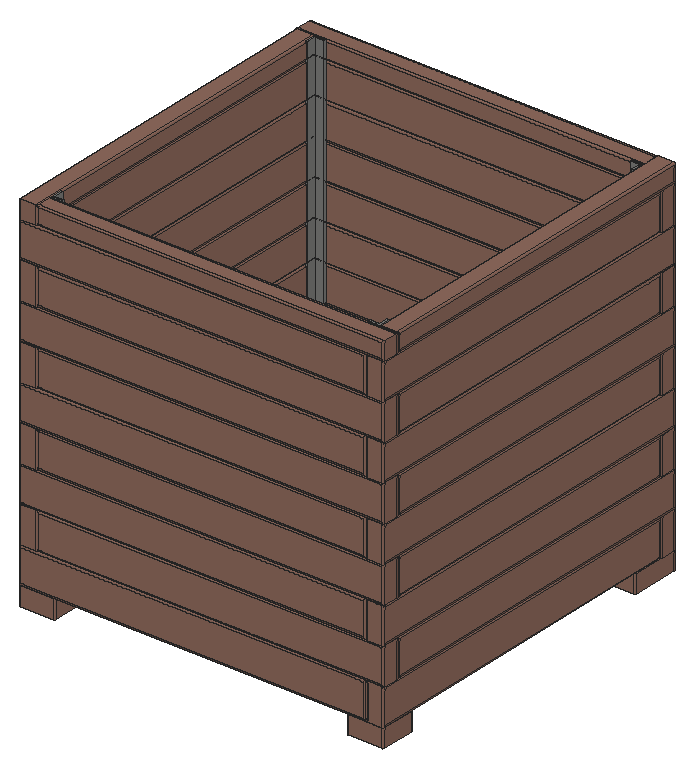
Revit family "Jardinera Madera", category Furniture, Revit 2020 (continued)
Definition of nested family "Jardinera Madera-UM1640-6-1000mm"
  Forms (m)
    Extrusion 40, void
      sketch origin (0.75, 0.4, 0.3) x (0, 1, 0) y (-1, 0, 0)
        loop
          line (-0.85, 0.255) -> (-0.85, 0.25) -> (-0.845, 0.25)
          arc (-0.845, 0.25) -> (-0.848536, 0.251464) -> (-0.85, 0.255) r 0.005
      from 0.05 to 0.15
    Extrusion 41, solid
      sketch origin (-0.4, -0.2, 0) x (-1, 0, 0) y (0, -1, 0)
        loop
          line (-0.849929, 0.25) -> (-0.849929, 0.22) -> (-0.844929, 0.22) -> (-0.844929, 0.245) -> (-0.819929, 0.245) -> (-0.819929, 0.25) -> (-0.849929, 0.25)
      from 0.05 to 1.00007
    Extrusion 42, solid
      sketch origin (-0.4, -0.2, 0.005) x (-1, 0, 0) y (0, -1, 0)
        loop
          line (-0.804929, 0.3) -> (-0.894929, 0.3)
          arc (-0.894929, 0.3) -> (-0.898464, 0.298536) -> (-0.899929, 0.295) r 0.005
          line (-0.899929, 0.295) -> (-0.899929, 0.205)
          arc (-0.899929, 0.205) -> (-0.898464, 0.201464) -> (-0.894929, 0.2) r 0.005
          line (-0.894929, 0.2) -> (-0.804929, 0.2)
          arc (-0.804929, 0.2) -> (-0.801393, 0.201464) -> (-0.799929, 0.205) r 0.005
          line (-0.799929, 0.205) -> (-0.799929, 0.295)
          arc (-0.799929, 0.295) -> (-0.801393, 0.298536) -> (-0.804929, 0.3) r 0.005
      from -0.005 to 0.045
    Extrusion 43, void
      sketch origin (-0.350071, -0.2, 0.10007) x (-1, 0, 0) y (0, -1, 0)
        loop
          arc (-0.85, 0.295) -> (-0.848536, 0.298536) -> (-0.845, 0.3) r 0.005
          line (-0.845, 0.3) -> (-0.85, 0.3) -> (-0.85, 0.295)
        loop
          line (-0.85, 0.255) -> (-0.85, 0.25) -> (-0.845, 0.25)
          arc (-0.845, 0.25) -> (-0.848536, 0.251464) -> (-0.85, 0.255) r 0.005
      from 0.05 to 0.15
    Extrusion 44, void
      sketch origin (-0.350071, -0.2, 0.30007) x (-1, 0, 0) y (0, -1, 0)
        loop
          arc (-0.85, 0.295) -> (-0.848536, 0.298536) -> (-0.845, 0.3) r 0.005
          line (-0.845, 0.3) -> (-0.85, 0.3) -> (-0.85, 0.295)
        loop
          line (-0.85, 0.255) -> (-0.85, 0.25) -> (-0.845, 0.25)
          arc (-0.845, 0.25) -> (-0.848536, 0.251464) -> (-0.85, 0.255) r 0.005
      from 0.05 to 0.15
    Extrusion 45, void
      sketch origin (0.4, 0.199929, 0) x (1, 0, 0) y (0, 1, 0)
        loop
          arc (-0.85, 0.295) -> (-0.848536, 0.298536) -> (-0.845, 0.3) r 0.005
          line (-0.845, 0.3) -> (-0.85, 0.3) -> (-0.85, 0.295)
        loop
          line (-0.85, 0.255) -> (-0.85, 0.25) -> (-0.845, 0.25)
          arc (-0.845, 0.25) -> (-0.848536, 0.251464) -> (-0.85, 0.255) r 0.005
      from 0.05 to 0.15
    Extrusion 46, void
      sketch origin (-0.75, -0.350071, 0) x (0, -1, 0) y (1, 0, 0)
        loop
          arc (-0.85, 0.295) -> (-0.848536, 0.298536) -> (-0.845, 0.3) r 0.005
          line (-0.845, 0.3) -> (-0.85, 0.3) -> (-0.85, 0.295)
        loop
          line (-0.85, 0.255) -> (-0.85, 0.25) -> (-0.845, 0.25)
          arc (-0.845, 0.25) -> (-0.848536, 0.251464) -> (-0.85, 0.255) r 0.005
      from 0.05 to 0.15
    Extrusion 47, void
      sketch origin (0.350071, 0.199929, 0.10007) x (1, 0, 0) y (0, 1, 0)
        loop
          arc (-0.85, 0.295) -> (-0.848536, 0.298536) -> (-0.845, 0.3) r 0.005
          line (-0.845, 0.3) -> (-0.85, 0.3) -> (-0.85, 0.295)
        loop
          line (-0.85, 0.255) -> (-0.85, 0.25) -> (-0.845, 0.25)
          arc (-0.845, 0.25) -> (-0.848536, 0.251464) -> (-0.85, 0.255) r 0.005
      from 0.05 to 0.15
    Extrusion 48, void
      sketch origin (0.4, 0.199929, 0.2) x (1, 0, 0) y (0, 1, 0)
        loop
          arc (-0.85, 0.295) -> (-0.848536, 0.298536) -> (-0.845, 0.3) r 0.005
          line (-0.845, 0.3) -> (-0.85, 0.3) -> (-0.85, 0.295)
        loop
          line (-0.85, 0.255) -> (-0.85, 0.25) -> (-0.845, 0.25)
          arc (-0.845, 0.25) -> (-0.848536, 0.251464) -> (-0.85, 0.255) r 0.005
      from 0.05 to 0.15
    Extrusion 49, void
      sketch origin (-0.4, 0.199929, 0.30007) x (-1, 0, 0) y (0, -1, 0)
        loop
          line (-0.85, -0.295) -> (-0.85, -0.3) -> (-0.845, -0.3)
          arc (-0.845, -0.3) -> (-0.848536, -0.298536) -> (-0.85, -0.295) r 0.005
        loop
          arc (-0.85, -0.255) -> (-0.848536, -0.251464) -> (-0.845, -0.25) r 0.005
          line (-0.845, -0.25) -> (-0.85, -0.25) -> (-0.85, -0.255)
      from 0.05 to 0.15
    Extrusion 50, void
      sketch origin (-0.4, 0.199929, 0.10007) x (-1, 0, 0) y (0, -1, 0)
        loop
          line (-0.85, -0.295) -> (-0.85, -0.3) -> (-0.845, -0.3)
          arc (-0.845, -0.3) -> (-0.848536, -0.298536) -> (-0.85, -0.295) r 0.005
        loop
          arc (-0.85, -0.255) -> (-0.848536, -0.251464) -> (-0.845, -0.25) r 0.005
          line (-0.845, -0.25) -> (-0.85, -0.25) -> (-0.85, -0.255)
      from 0.05 to 0.15
    Extrusion 51, void
      sketch origin (-0.35, 0.199929, 0) x (-1, 0, 0) y (0, -1, 0)
        loop
          line (-0.85, -0.295) -> (-0.85, -0.3) -> (-0.845, -0.3)
          arc (-0.845, -0.3) -> (-0.848536, -0.298536) -> (-0.85, -0.295) r 0.005
        loop
          arc (-0.85, -0.255) -> (-0.848536, -0.251464) -> (-0.845, -0.25) r 0.005
          line (-0.845, -0.25) -> (-0.85, -0.25) -> (-0.85, -0.255)
      from 0.05 to 0.15
    Extrusion 52, void
      sketch origin (0.75, -0.350071, 0.3) x (0, -1, 0) y (1, 0, 0)
        loop
          line (-0.85, -0.295) -> (-0.85, -0.3) -> (-0.845, -0.3)
          arc (-0.845, -0.3) -> (-0.848536, -0.298536) -> (-0.85, -0.295) r 0.005
        loop
          arc (-0.85, -0.255) -> (-0.848536, -0.251464) -> (-0.845, -0.25) r 0.005
          line (-0.845, -0.25) -> (-0.85, -0.25) -> (-0.85, -0.255)
      from 0.05 to 0.15
    Extrusion 53, void
      sketch origin (0.75, -0.350071, 0.1) x (0, -1, 0) y (1, 0, 0)
        loop
          line (-0.85, -0.295) -> (-0.85, -0.3) -> (-0.845, -0.3)
          arc (-0.845, -0.3) -> (-0.848536, -0.298536) -> (-0.85, -0.295) r 0.005
        loop
          arc (-0.85, -0.255) -> (-0.848536, -0.251464) -> (-0.845, -0.25) r 0.005
          line (-0.845, -0.25) -> (-0.85, -0.25) -> (-0.85, -0.255)
      from 0.05 to 0.15
    Extrusion 54, void
      sketch origin (0.75, -0.400071, 0) x (0, -1, 0) y (1, 0, 0)
        loop
          line (-0.85, -0.295) -> (-0.85, -0.3) -> (-0.845, -0.3)
          arc (-0.845, -0.3) -> (-0.848536, -0.298536) -> (-0.85, -0.295) r 0.005
        loop
          arc (-0.85, -0.255) -> (-0.848536, -0.251464) -> (-0.845, -0.25) r 0.005
          line (-0.845, -0.25) -> (-0.85, -0.25) -> (-0.85, -0.255)
      from 0.05 to 0.15
    Extrusion 55, void
      sketch origin (0.75, -0.400071, 0.2) x (0, -1, 0) y (1, 0, 0)
        loop
          line (-0.85, -0.295) -> (-0.85, -0.3) -> (-0.845, -0.3)
          arc (-0.845, -0.3) -> (-0.848536, -0.298536) -> (-0.85, -0.295) r 0.005
        loop
          arc (-0.85, -0.255) -> (-0.848536, -0.251464) -> (-0.845, -0.25) r 0.005
          line (-0.845, -0.25) -> (-0.85, -0.25) -> (-0.85, -0.255)
      from 0.05 to 0.15
    Extrusion 56, void
      sketch origin (-0.75, -0.350071, 0.2) x (0, -1, 0) y (1, 0, 0)
        loop
          arc (-0.85, 0.295) -> (-0.848536, 0.298536) -> (-0.845, 0.3) r 0.005
          line (-0.845, 0.3) -> (-0.85, 0.3) -> (-0.85, 0.295)
        loop
          line (-0.85, 0.255) -> (-0.85, 0.25) -> (-0.845, 0.25)
          arc (-0.845, 0.25) -> (-0.848536, 0.251464) -> (-0.85, 0.255) r 0.005
      from 0.05 to 0.15
    Extrusion 57, void
      sketch origin (-0.75, -0.400071, 0.10007) x (0, -1, 0) y (1, 0, 0)
        loop
          arc (-0.85, 0.295) -> (-0.848536, 0.298536) -> (-0.845, 0.3) r 0.005
          line (-0.845, 0.3) -> (-0.85, 0.3) -> (-0.85, 0.295)
        loop
          line (-0.85, 0.255) -> (-0.85, 0.25) -> (-0.845, 0.25)
          arc (-0.845, 0.25) -> (-0.848536, 0.251464) -> (-0.85, 0.255) r 0.005
      from 0.05 to 0.15
    Extrusion 58, solid
      sketch origin (-0.2, -0.400071, 0.4) x (0, -1, 0) y (0, 0, 1)
        loop
          arc (-0.895, 0.15) -> (-0.898536, 0.148536) -> (-0.9, 0.145) r 0.005
          line (-0.9, 0.145) -> (-0.9, 0.055)
          arc (-0.9, 0.055) -> (-0.898536, 0.051464) -> (-0.895, 0.05) r 0.005
          line (-0.895, 0.05) -> (-0.855, 0.05)
          arc (-0.855, 0.05) -> (-0.851464, 0.051464) -> (-0.85, 0.055) r 0.005
          line (-0.85, 0.055) -> (-0.85, 0.145)
          arc (-0.85, 0.145) -> (-0.851464, 0.148536) -> (-0.855, 0.15) r 0.005
          line (-0.855, 0.15) -> (-0.895, 0.15)
      from -0.7 to 0.25
    Extrusion 59, void
      sketch origin (-0.35, 0.199929, 0.4) x (-1, 0, 0) y (0, -1, 0)
        loop
          line (-0.85, -0.295) -> (-0.85, -0.3) -> (-0.845, -0.3)
          arc (-0.845, -0.3) -> (-0.848536, -0.298536) -> (-0.85, -0.295) r 0.005
        loop
          arc (-0.85, -0.255) -> (-0.848536, -0.251464) -> (-0.845, -0.25) r 0.005
          line (-0.845, -0.25) -> (-0.85, -0.25) -> (-0.85, -0.255)
      from 0.05 to 0.15
    Extrusion 60, solid
      sketch origin (0.4, -0.2, 0.4) x (1, 0, 0) y (0, 0, 1)
        loop
          arc (-0.895, 0.15) -> (-0.898536, 0.148536) -> (-0.9, 0.145) r 0.005
          line (-0.9, 0.145) -> (-0.9, 0.055)
          arc (-0.9, 0.055) -> (-0.898536, 0.051464) -> (-0.895, 0.05) r 0.005
          line (-0.895, 0.05) -> (-0.855, 0.05)
          arc (-0.855, 0.05) -> (-0.851464, 0.051464) -> (-0.85, 0.055) r 0.005
          line (-0.85, 0.055) -> (-0.85, 0.145)
          arc (-0.85, 0.145) -> (-0.851464, 0.148536) -> (-0.855, 0.15) r 0.005
          line (-0.855, 0.15) -> (-0.895, 0.15)
      from -0.699929 to 0.25
    Extrusion 61, void
      sketch origin (-0.75, 0.4, 0.4) x (0, 1, 0) y (-1, 0, 0)
        loop
          line (-0.85, -0.295) -> (-0.85, -0.3) -> (-0.845, -0.3)
          arc (-0.845, -0.3) -> (-0.848536, -0.298536) -> (-0.85, -0.295) r 0.005
        loop
          arc (-0.85, -0.255) -> (-0.848536, -0.251464) -> (-0.845, -0.25) r 0.005
          line (-0.845, -0.25) -> (-0.85, -0.25) -> (-0.85, -0.255)
      from 0.05 to 0.15
    Extrusion 62, solid
      sketch origin (1, 0.4, 0.4) x (0, 1, 0) y (0, 0, 1)
        loop
          arc (-0.895, 0.15) -> (-0.898536, 0.148536) -> (-0.9, 0.145) r 0.005
          line (-0.9, 0.145) -> (-0.9, 0.055)
          arc (-0.9, 0.055) -> (-0.898536, 0.051464) -> (-0.895, 0.05) r 0.005
          line (-0.895, 0.05) -> (-0.855, 0.05)
          arc (-0.855, 0.05) -> (-0.851464, 0.051464) -> (-0.85, 0.055) r 0.005
          line (-0.85, 0.055) -> (-0.85, 0.145)
          arc (-0.85, 0.145) -> (-0.851464, 0.148536) -> (-0.855, 0.15) r 0.005
          line (-0.855, 0.15) -> (-0.895, 0.15)
      from -1.5 to -0.55
    Extrusion 63, void
      sketch origin (0.35, -0.2, 0.4) x (1, 0, 0) y (0, 1, 0)
        loop
          line (-0.85, -0.295) -> (-0.85, -0.3) -> (-0.845, -0.3)
          arc (-0.845, -0.3) -> (-0.848536, -0.298536) -> (-0.85, -0.295) r 0.005
        loop
          arc (-0.85, -0.255) -> (-0.848536, -0.251464) -> (-0.845, -0.25) r 0.005
          line (-0.845, -0.25) -> (-0.85, -0.25) -> (-0.85, -0.255)
      from 0.05 to 0.15
    Extrusion 64, solid
      sketch origin (-0.4, -0.2, 0.4) x (-1, 0, 0) y (0, 0, 1)
        loop
          arc (-0.895, 0.15) -> (-0.898536, 0.148536) -> (-0.9, 0.145) r 0.005
          line (-0.9, 0.145) -> (-0.9, 0.055)
          arc (-0.9, 0.055) -> (-0.898536, 0.051464) -> (-0.895, 0.05) r 0.005
          line (-0.895, 0.05) -> (-0.855, 0.05)
          arc (-0.855, 0.05) -> (-0.851464, 0.051464) -> (-0.85, 0.055) r 0.005
          line (-0.85, 0.055) -> (-0.85, 0.145)
          arc (-0.85, 0.145) -> (-0.851464, 0.148536) -> (-0.855, 0.15) r 0.005
          line (-0.855, 0.15) -> (-0.895, 0.15)
      from -0.3 to 0.649929
    Extrusion 65, void
      sketch origin (-0.4, -0.2, 0.4) x (-1, 0, 0) y (0, -1, 0)
        loop
          arc (-0.85, 0.295) -> (-0.848536, 0.298536) -> (-0.845, 0.3) r 0.005
          line (-0.845, 0.3) -> (-0.85, 0.3) -> (-0.85, 0.295)
        loop
          line (-0.85, 0.255) -> (-0.85, 0.25) -> (-0.845, 0.25)
          arc (-0.845, 0.25) -> (-0.848536, 0.251464) -> (-0.85, 0.255) r 0.005
      from 0.05 to 0.15
    Extrusion 66, void
      sketch origin (0.75, 0.35, 0.4) x (0, 1, 0) y (-1, 0, 0)
        loop
          arc (-0.85, 0.295) -> (-0.848536, 0.298536) -> (-0.845, 0.3) r 0.005
          line (-0.845, 0.3) -> (-0.85, 0.3) -> (-0.85, 0.295)
        loop
          line (-0.85, 0.255) -> (-0.85, 0.25) -> (-0.845, 0.25)
          arc (-0.845, 0.25) -> (-0.848536, 0.251464) -> (-0.85, 0.255) r 0.005
      from 0.05 to 0.15
    Extrusion 67, void
      sketch origin (0.4, 0.199929, 0.4) x (1, 0, 0) y (0, 1, 0)
        loop
          arc (-0.85, 0.295) -> (-0.848536, 0.298536) -> (-0.845, 0.3) r 0.005
          line (-0.845, 0.3) -> (-0.85, 0.3) -> (-0.85, 0.295)
        loop
          line (-0.85, 0.255) -> (-0.85, 0.25) -> (-0.845, 0.25)
          arc (-0.845, 0.25) -> (-0.848536, 0.251464) -> (-0.85, 0.255) r 0.005
      from 0.05 to 0.15
    Extrusion 68, void
      sketch origin (0.75, -0.400071, 0.4) x (0, -1, 0) y (1, 0, 0)
        loop
          line (-0.85, -0.295) -> (-0.85, -0.3) -> (-0.845, -0.3)
          arc (-0.845, -0.3) -> (-0.848536, -0.298536) -> (-0.85, -0.295) r 0.005
        loop
          arc (-0.85, -0.255) -> (-0.848536, -0.251464) -> (-0.845, -0.25) r 0.005
          line (-0.845, -0.25) -> (-0.85, -0.25) -> (-0.85, -0.255)
      from 0.05 to 0.15
    Extrusion 69, void
      sketch origin (-0.75, -0.350071, 0.4) x (0, -1, 0) y (1, 0, 0)
        loop
          arc (-0.85, 0.295) -> (-0.848536, 0.298536) -> (-0.845, 0.3) r 0.005
          line (-0.845, 0.3) -> (-0.85, 0.3) -> (-0.85, 0.295)
        loop
          line (-0.85, 0.255) -> (-0.85, 0.25) -> (-0.845, 0.25)
          arc (-0.845, 0.25) -> (-0.848536, 0.251464) -> (-0.85, 0.255) r 0.005
      from 0.05 to 0.15
    Extrusion 70, solid
      sketch origin (-0.249929, -0.400071, 0.50007) x (0, -1, 0) y (0, 0, 1)
        loop
          arc (-0.895, 0.15) -> (-0.898536, 0.148536) -> (-0.9, 0.145) r 0.005
          line (-0.9, 0.145) -> (-0.9, 0.055)
          arc (-0.9, 0.055) -> (-0.898536, 0.051464) -> (-0.895, 0.05) r 0.005
          line (-0.895, 0.05) -> (-0.855, 0.05)
          arc (-0.855, 0.05) -> (-0.851464, 0.051464) -> (-0.85, 0.055) r 0.005
          line (-0.85, 0.055) -> (-0.85, 0.145)
          arc (-0.85, 0.145) -> (-0.851464, 0.148536) -> (-0.855, 0.15) r 0.005
          line (-0.855, 0.15) -> (-0.895, 0.15)
      from -0.699929 to 0.25
    Extrusion 71, void
      sketch origin (0.350071, 0.199929, 0.50007) x (1, 0, 0) y (0, 1, 0)
        loop
          arc (-0.85, 0.295) -> (-0.848536, 0.298536) -> (-0.845, 0.3) r 0.005
          line (-0.845, 0.3) -> (-0.85, 0.3) -> (-0.85, 0.295)
        loop
          line (-0.85, 0.255) -> (-0.85, 0.25) -> (-0.845, 0.25)
          arc (-0.845, 0.25) -> (-0.848536, 0.251464) -> (-0.85, 0.255) r 0.005
      from 0.05 to 0.15
    Extrusion 72, solid
      sketch origin (1.049929, 0.4, 0.50007) x (0, 1, 0) y (0, 0, 1)
        loop
          arc (-0.895, 0.15) -> (-0.898536, 0.148536) -> (-0.9, 0.145) r 0.005
          line (-0.9, 0.145) -> (-0.9, 0.055)
          arc (-0.9, 0.055) -> (-0.898536, 0.051464) -> (-0.895, 0.05) r 0.005
          line (-0.895, 0.05) -> (-0.855, 0.05)
          arc (-0.855, 0.05) -> (-0.851464, 0.051464) -> (-0.85, 0.055) r 0.005
          line (-0.85, 0.055) -> (-0.85, 0.145)
          arc (-0.85, 0.145) -> (-0.851464, 0.148536) -> (-0.855, 0.15) r 0.005
          line (-0.855, 0.15) -> (-0.895, 0.15)
      from -1.5 to -0.55
    Extrusion 73, void
      sketch origin (0.399929, -0.2, 0.50007) x (1, 0, 0) y (0, 1, 0)
        loop
          line (-0.85, -0.295) -> (-0.85, -0.3) -> (-0.845, -0.3)
          arc (-0.845, -0.3) -> (-0.848536, -0.298536) -> (-0.85, -0.295) r 0.005
        loop
          arc (-0.85, -0.255) -> (-0.848536, -0.251464) -> (-0.845, -0.25) r 0.005
          line (-0.845, -0.25) -> (-0.85, -0.25) -> (-0.85, -0.255)
      from 0.05 to 0.15
    Extrusion 74, solid
      sketch origin (0.4, -0.249929, 0.50007) x (1, 0, 0) y (0, 0, 1)
        loop
          arc (-0.895, 0.15) -> (-0.898536, 0.148536) -> (-0.9, 0.145) r 0.005
          line (-0.9, 0.145) -> (-0.9, 0.055)
          arc (-0.9, 0.055) -> (-0.898536, 0.051464) -> (-0.895, 0.05) r 0.005
          line (-0.895, 0.05) -> (-0.855, 0.05)
          arc (-0.855, 0.05) -> (-0.851464, 0.051464) -> (-0.85, 0.055) r 0.005
          line (-0.85, 0.055) -> (-0.85, 0.145)
          arc (-0.85, 0.145) -> (-0.851464, 0.148536) -> (-0.855, 0.15) r 0.005
          line (-0.855, 0.15) -> (-0.895, 0.15)
      from -0.699858 to 0.25
    Extrusion 75, void
      sketch origin (-0.75, 0.350071, 0.50007) x (0, 1, 0) y (-1, 0, 0)
        loop
          line (-0.85, -0.295) -> (-0.85, -0.3) -> (-0.845, -0.3)
          arc (-0.845, -0.3) -> (-0.848536, -0.298536) -> (-0.85, -0.295) r 0.005
        loop
          arc (-0.85, -0.255) -> (-0.848536, -0.251464) -> (-0.845, -0.25) r 0.005
          line (-0.845, -0.25) -> (-0.85, -0.25) -> (-0.85, -0.255)
      from 0.05 to 0.15
    Extrusion 76, solid
      sketch origin (-0.4, -0.15, 0.5) x (-1, 0, 0) y (0, 0, 1)
        loop
          arc (-0.895, 0.15) -> (-0.898536, 0.148536) -> (-0.9, 0.145) r 0.005
          line (-0.9, 0.145) -> (-0.9, 0.055)
          arc (-0.9, 0.055) -> (-0.898536, 0.051464) -> (-0.895, 0.05) r 0.005
          line (-0.895, 0.05) -> (-0.855, 0.05)
          arc (-0.855, 0.05) -> (-0.851464, 0.051464) -> (-0.85, 0.055) r 0.005
          line (-0.85, 0.055) -> (-0.85, 0.145)
          arc (-0.85, 0.145) -> (-0.851464, 0.148536) -> (-0.855, 0.15) r 0.005
          line (-0.855, 0.15) -> (-0.895, 0.15)
      from -0.3 to 0.649929
    Extrusion 77, void
      sketch origin (0.75, 0.4, 0.5) x (0, 1, 0) y (-1, 0, 0)
        loop
          arc (-0.85, 0.295) -> (-0.848536, 0.298536) -> (-0.845, 0.3) r 0.005
          line (-0.845, 0.3) -> (-0.85, 0.3) -> (-0.85, 0.295)
        loop
          line (-0.85, 0.255) -> (-0.85, 0.25) -> (-0.845, 0.25)
          arc (-0.845, 0.25) -> (-0.848536, 0.251464) -> (-0.85, 0.255) r 0.005
      from 0.05 to 0.15
    Extrusion 78, void
      sketch origin (-0.350071, -0.2, 0.50007) x (-1, 0, 0) y (0, -1, 0)
        loop
          arc (-0.85, 0.295) -> (-0.848536, 0.298536) -> (-0.845, 0.3) r 0.005
          line (-0.845, 0.3) -> (-0.85, 0.3) -> (-0.85, 0.295)
        loop
          line (-0.85, 0.255) -> (-0.85, 0.25) -> (-0.845, 0.25)
          arc (-0.845, 0.25) -> (-0.848536, 0.251464) -> (-0.85, 0.255) r 0.005
      from 0.05 to 0.15
    Extrusion 79, void
      sketch origin (-0.4, 0.199929, 0.50007) x (-1, 0, 0) y (0, -1, 0)
        loop
          line (-0.85, -0.295) -> (-0.85, -0.3) -> (-0.845, -0.3)
          arc (-0.845, -0.3) -> (-0.848536, -0.298536) -> (-0.85, -0.295) r 0.005
        loop
          arc (-0.85, -0.255) -> (-0.848536, -0.251464) -> (-0.845, -0.25) r 0.005
          line (-0.845, -0.25) -> (-0.85, -0.25) -> (-0.85, -0.255)
      from 0.05 to 0.15
    Extrusion 80, void
      sketch origin (0.75, -0.350071, 0.5) x (0, -1, 0) y (1, 0, 0)
        loop
          line (-0.85, -0.295) -> (-0.85, -0.3) -> (-0.845, -0.3)
          arc (-0.845, -0.3) -> (-0.848536, -0.298536) -> (-0.85, -0.295) r 0.005
        loop
          arc (-0.85, -0.255) -> (-0.848536, -0.251464) -> (-0.845, -0.25) r 0.005
          line (-0.845, -0.25) -> (-0.85, -0.25) -> (-0.85, -0.255)
      from 0.05 to 0.15
    Extrusion 81, solid
      sketch origin (0.4, 0.342806, 0) x (1, 0, 0) y (0, 1, 0)
        loop
          line (-0.849929, -0.149955) -> (0.05, -0.149955) -> (0.05, -0.021439) -> (-0.849929, -0.021439) -> (-0.849929, -0.149955)
      from 0.05 to 0.1
    Extrusion 82, solid
      sketch origin (0.4, 0.042806, 0) x (1, 0, 0) y (0, 1, 0)
        loop
          line (-0.849929, 0.149955) -> (-0.849929, 0.021439) -> (0.05, 0.021439) -> (0.05, 0.149955) -> (-0.849929, 0.149955)
      from 0.05 to 0.1
    Extrusion 83, solid
      sketch origin (0.4, 0.085684, 0) x (1, 0, 0) y (0, 1, 0)
        loop
          line (-0.849929, -0.149955) -> (0.05, -0.149955) -> (0.05, -0.021439) -> (-0.849929, -0.021439) -> (-0.849929, -0.149955)
      from 0.05 to 0.1
    Extrusion 84, solid
      sketch origin (0.4, -0.214316, 0) x (1, 0, 0) y (0, 1, 0)
        loop
          line (-0.849929, 0.149955) -> (-0.849929, 0.021439) -> (0.05, 0.021439) -> (0.05, 0.149955) -> (-0.849929, 0.149955)
      from 0.05 to 0.1
    Extrusion 85, solid
      sketch origin (0.4, -0.171439, 0) x (1, 0, 0) y (0, 1, 0)
        loop
          line (-0.849929, -0.149955) -> (0.05, -0.149955) -> (0.05, -0.021439) -> (-0.849929, -0.021439) -> (-0.849929, -0.149955)
      from 0.05 to 0.1
    Extrusion 86, solid
      sketch origin (-0.2, -0.400071, 0.6) x (0, -1, 0) y (0, 0, 1)
        loop
          arc (-0.895, 0.15) -> (-0.898536, 0.148536) -> (-0.9, 0.145) r 0.005
          line (-0.9, 0.145) -> (-0.9, 0.055)
          arc (-0.9, 0.055) -> (-0.898536, 0.051464) -> (-0.895, 0.05) r 0.005
          line (-0.895, 0.05) -> (-0.855, 0.05)
          arc (-0.855, 0.05) -> (-0.851464, 0.051464) -> (-0.85, 0.055) r 0.005
          line (-0.85, 0.055) -> (-0.85, 0.145)
          arc (-0.85, 0.145) -> (-0.851464, 0.148536) -> (-0.855, 0.15) r 0.005
          line (-0.855, 0.15) -> (-0.895, 0.15)
      from -0.7 to 0.25
    Extrusion 87, solid
      sketch origin (-0.249929, -0.400071, 0.70007) x (0, -1, 0) y (0, 0, 1)
        loop
          arc (-0.895, 0.15) -> (-0.898536, 0.148536) -> (-0.9, 0.145) r 0.005
          line (-0.9, 0.145) -> (-0.9, 0.055)
          arc (-0.9, 0.055) -> (-0.898536, 0.051464) -> (-0.895, 0.05) r 0.005
          line (-0.895, 0.05) -> (-0.855, 0.05)
          arc (-0.855, 0.05) -> (-0.851464, 0.051464) -> (-0.85, 0.055) r 0.005
          line (-0.85, 0.055) -> (-0.85, 0.145)
          arc (-0.85, 0.145) -> (-0.851464, 0.148536) -> (-0.855, 0.15) r 0.005
          line (-0.855, 0.15) -> (-0.895, 0.15)
      from -0.699929 to 0.25
    Extrusion 88, void
      sketch origin (0.350071, 0.199929, 0.70007) x (1, 0, 0) y (0, 1, 0)
        loop
          arc (-0.85, 0.295) -> (-0.848536, 0.298536) -> (-0.845, 0.3) r 0.005
          line (-0.845, 0.3) -> (-0.85, 0.3) -> (-0.85, 0.295)
        loop
          line (-0.85, 0.255) -> (-0.85, 0.25) -> (-0.845, 0.25)
          arc (-0.845, 0.25) -> (-0.848536, 0.251464) -> (-0.85, 0.255) r 0.005
      from 0.05 to 0.15
    Extrusion 89, void
      sketch origin (-0.35, 0.199929, 0.6) x (-1, 0, 0) y (0, -1, 0)
        loop
          line (-0.85, -0.295) -> (-0.85, -0.3) -> (-0.845, -0.3)
          arc (-0.845, -0.3) -> (-0.848536, -0.298536) -> (-0.85, -0.295) r 0.005
        loop
          arc (-0.85, -0.255) -> (-0.848536, -0.251464) -> (-0.845, -0.25) r 0.005
          line (-0.845, -0.25) -> (-0.85, -0.25) -> (-0.85, -0.255)
      from 0.05 to 0.15
    Extrusion 90, solid
      sketch origin (0.4, -0.2, 0.6) x (1, 0, 0) y (0, 0, 1)
        loop
          arc (-0.895, 0.15) -> (-0.898536, 0.148536) -> (-0.9, 0.145) r 0.005
          line (-0.9, 0.145) -> (-0.9, 0.055)
          arc (-0.9, 0.055) -> (-0.898536, 0.051464) -> (-0.895, 0.05) r 0.005
          line (-0.895, 0.05) -> (-0.855, 0.05)
          arc (-0.855, 0.05) -> (-0.851464, 0.051464) -> (-0.85, 0.055) r 0.005
          line (-0.85, 0.055) -> (-0.85, 0.145)
          arc (-0.85, 0.145) -> (-0.851464, 0.148536) -> (-0.855, 0.15) r 0.005
          line (-0.855, 0.15) -> (-0.895, 0.15)
      from -0.699929 to 0.25
    Extrusion 91, void
      sketch origin (-0.75, 0.4, 0.6) x (0, 1, 0) y (-1, 0, 0)
        loop
          line (-0.85, -0.295) -> (-0.85, -0.3) -> (-0.845, -0.3)
          arc (-0.845, -0.3) -> (-0.848536, -0.298536) -> (-0.85, -0.295) r 0.005
        loop
          arc (-0.85, -0.255) -> (-0.848536, -0.251464) -> (-0.845, -0.25) r 0.005
          line (-0.845, -0.25) -> (-0.85, -0.25) -> (-0.85, -0.255)
      from 0.05 to 0.15
    Extrusion 92, solid
      sketch origin (1, 0.4, 0.6) x (0, 1, 0) y (0, 0, 1)
        loop
          arc (-0.895, 0.15) -> (-0.898536, 0.148536) -> (-0.9, 0.145) r 0.005
          line (-0.9, 0.145) -> (-0.9, 0.055)
          arc (-0.9, 0.055) -> (-0.898536, 0.051464) -> (-0.895, 0.05) r 0.005
          line (-0.895, 0.05) -> (-0.855, 0.05)
          arc (-0.855, 0.05) -> (-0.851464, 0.051464) -> (-0.85, 0.055) r 0.005
          line (-0.85, 0.055) -> (-0.85, 0.145)
          arc (-0.85, 0.145) -> (-0.851464, 0.148536) -> (-0.855, 0.15) r 0.005
          line (-0.855, 0.15) -> (-0.895, 0.15)
      from -1.5 to -0.55
    Extrusion 93, void
      sketch origin (0.35, -0.2, 0.6) x (1, 0, 0) y (0, 1, 0)
        loop
          line (-0.85, -0.295) -> (-0.85, -0.3) -> (-0.845, -0.3)
          arc (-0.845, -0.3) -> (-0.848536, -0.298536) -> (-0.85, -0.295) r 0.005
        loop
          arc (-0.85, -0.255) -> (-0.848536, -0.251464) -> (-0.845, -0.25) r 0.005
          line (-0.845, -0.25) -> (-0.85, -0.25) -> (-0.85, -0.255)
      from 0.05 to 0.15
    Extrusion 94, solid
      sketch origin (1.049929, 0.4, 0.70007) x (0, 1, 0) y (0, 0, 1)
        loop
          arc (-0.895, 0.15) -> (-0.898536, 0.148536) -> (-0.9, 0.145) r 0.005
          line (-0.9, 0.145) -> (-0.9, 0.055)
          arc (-0.9, 0.055) -> (-0.898536, 0.051464) -> (-0.895, 0.05) r 0.005
          line (-0.895, 0.05) -> (-0.855, 0.05)
          arc (-0.855, 0.05) -> (-0.851464, 0.051464) -> (-0.85, 0.055) r 0.005
          line (-0.85, 0.055) -> (-0.85, 0.145)
          arc (-0.85, 0.145) -> (-0.851464, 0.148536) -> (-0.855, 0.15) r 0.005
          line (-0.855, 0.15) -> (-0.895, 0.15)
      from -1.5 to -0.55
    Extrusion 95, void
      sketch origin (0.399929, -0.2, 0.70007) x (1, 0, 0) y (0, 1, 0)
        loop
          line (-0.85, -0.295) -> (-0.85, -0.3) -> (-0.845, -0.3)
          arc (-0.845, -0.3) -> (-0.848536, -0.298536) -> (-0.85, -0.295) r 0.005
        loop
          arc (-0.85, -0.255) -> (-0.848536, -0.251464) -> (-0.845, -0.25) r 0.005
          line (-0.845, -0.25) -> (-0.85, -0.25) -> (-0.85, -0.255)
      from 0.05 to 0.15
    Extrusion 96, solid
      sketch origin (0.4, -0.249929, 0.70007) x (1, 0, 0) y (0, 0, 1)
        loop
          arc (-0.895, 0.15) -> (-0.898536, 0.148536) -> (-0.9, 0.145) r 0.005
          line (-0.9, 0.145) -> (-0.9, 0.055)
          arc (-0.9, 0.055) -> (-0.898536, 0.051464) -> (-0.895, 0.05) r 0.005
          line (-0.895, 0.05) -> (-0.855, 0.05)
          arc (-0.855, 0.05) -> (-0.851464, 0.051464) -> (-0.85, 0.055) r 0.005
          line (-0.85, 0.055) -> (-0.85, 0.145)
          arc (-0.85, 0.145) -> (-0.851464, 0.148536) -> (-0.855, 0.15) r 0.005
          line (-0.855, 0.15) -> (-0.895, 0.15)
      from -0.699858 to 0.25
    Extrusion 97, void
      sketch origin (-0.75, 0.350071, 0.70007) x (0, 1, 0) y (-1, 0, 0)
        loop
          line (-0.85, -0.295) -> (-0.85, -0.3) -> (-0.845, -0.3)
          arc (-0.845, -0.3) -> (-0.848536, -0.298536) -> (-0.85, -0.295) r 0.005
        loop
          arc (-0.85, -0.255) -> (-0.848536, -0.251464) -> (-0.845, -0.25) r 0.005
          line (-0.845, -0.25) -> (-0.85, -0.25) -> (-0.85, -0.255)
      from 0.05 to 0.15
    Extrusion 98, solid
      sketch origin (-0.4, -0.2, 0.6) x (-1, 0, 0) y (0, 0, 1)
        loop
          arc (-0.895, 0.15) -> (-0.898536, 0.148536) -> (-0.9, 0.145) r 0.005
          line (-0.9, 0.145) -> (-0.9, 0.055)
          arc (-0.9, 0.055) -> (-0.898536, 0.051464) -> (-0.895, 0.05) r 0.005
          line (-0.895, 0.05) -> (-0.855, 0.05)
          arc (-0.855, 0.05) -> (-0.851464, 0.051464) -> (-0.85, 0.055) r 0.005
          line (-0.85, 0.055) -> (-0.85, 0.145)
          arc (-0.85, 0.145) -> (-0.851464, 0.148536) -> (-0.855, 0.15) r 0.005
          line (-0.855, 0.15) -> (-0.895, 0.15)
      from -0.3 to 0.649929
    Extrusion 99, void
      sketch origin (-0.4, -0.2, 0.6) x (-1, 0, 0) y (0, -1, 0)
        loop
          arc (-0.85, 0.295) -> (-0.848536, 0.298536) -> (-0.845, 0.3) r 0.005
          line (-0.845, 0.3) -> (-0.85, 0.3) -> (-0.85, 0.295)
        loop
          line (-0.85, 0.255) -> (-0.85, 0.25) -> (-0.845, 0.25)
          arc (-0.845, 0.25) -> (-0.848536, 0.251464) -> (-0.85, 0.255) r 0.005
      from 0.05 to 0.15
    Extrusion 100, void
      sketch origin (0.75, 0.35, 0.6) x (0, 1, 0) y (-1, 0, 0)
        loop
          arc (-0.85, 0.295) -> (-0.848536, 0.298536) -> (-0.845, 0.3) r 0.005
          line (-0.845, 0.3) -> (-0.85, 0.3) -> (-0.85, 0.295)
        loop
          line (-0.85, 0.255) -> (-0.85, 0.25) -> (-0.845, 0.25)
          arc (-0.845, 0.25) -> (-0.848536, 0.251464) -> (-0.85, 0.255) r 0.005
      from 0.05 to 0.15
    Extrusion 101, solid
      sketch origin (-0.4, -0.15, 0.7) x (-1, 0, 0) y (0, 0, 1)
        loop
          arc (-0.895, 0.15) -> (-0.898536, 0.148536) -> (-0.9, 0.145) r 0.005
          line (-0.9, 0.145) -> (-0.9, 0.055)
          arc (-0.9, 0.055) -> (-0.898536, 0.051464) -> (-0.895, 0.05) r 0.005
          line (-0.895, 0.05) -> (-0.855, 0.05)
          arc (-0.855, 0.05) -> (-0.851464, 0.051464) -> (-0.85, 0.055) r 0.005
          line (-0.85, 0.055) -> (-0.85, 0.145)
          arc (-0.85, 0.145) -> (-0.851464, 0.148536) -> (-0.855, 0.15) r 0.005
          line (-0.855, 0.15) -> (-0.895, 0.15)
      from -0.3 to 0.649929
    Extrusion 102, void
      sketch origin (0.75, 0.4, 0.7) x (0, 1, 0) y (-1, 0, 0)
        loop
          arc (-0.85, 0.295) -> (-0.848536, 0.298536) -> (-0.845, 0.3) r 0.005
          line (-0.845, 0.3) -> (-0.85, 0.3) -> (-0.85, 0.295)
        loop
          line (-0.85, 0.255) -> (-0.85, 0.25) -> (-0.845, 0.25)
          arc (-0.845, 0.25) -> (-0.848536, 0.251464) -> (-0.85, 0.255) r 0.005
      from 0.05 to 0.15
    Extrusion 103, void
      sketch origin (-0.350071, -0.2, 0.70007) x (-1, 0, 0) y (0, -1, 0)
        loop
          arc (-0.85, 0.295) -> (-0.848536, 0.298536) -> (-0.845, 0.3) r 0.005
          line (-0.845, 0.3) -> (-0.85, 0.3) -> (-0.85, 0.295)
        loop
          line (-0.85, 0.255) -> (-0.85, 0.25) -> (-0.845, 0.25)
          arc (-0.845, 0.25) -> (-0.848536, 0.251464) -> (-0.85, 0.255) r 0.005
      from 0.05 to 0.15
    Extrusion 104, void
      sketch origin (0.4, 0.199929, 0.6) x (1, 0, 0) y (0, 1, 0)
        loop
          arc (-0.85, 0.295) -> (-0.848536, 0.298536) -> (-0.845, 0.3) r 0.005
          line (-0.845, 0.3) -> (-0.85, 0.3) -> (-0.85, 0.295)
        loop
          line (-0.85, 0.255) -> (-0.85, 0.25) -> (-0.845, 0.25)
          arc (-0.845, 0.25) -> (-0.848536, 0.251464) -> (-0.85, 0.255) r 0.005
      from 0.05 to 0.15
    Extrusion 105, void
      sketch origin (-0.4, 0.199929, 0.70007) x (-1, 0, 0) y (0, -1, 0)
        loop
          line (-0.85, -0.295) -> (-0.85, -0.3) -> (-0.845, -0.3)
          arc (-0.845, -0.3) -> (-0.848536, -0.298536) -> (-0.85, -0.295) r 0.005
        loop
          arc (-0.85, -0.255) -> (-0.848536, -0.251464) -> (-0.845, -0.25) r 0.005
          line (-0.845, -0.25) -> (-0.85, -0.25) -> (-0.85, -0.255)
      from 0.05 to 0.15
    Extrusion 106, void
      sketch origin (0.75, -0.350071, 0.7) x (0, -1, 0) y (1, 0, 0)
        loop
          line (-0.85, -0.295) -> (-0.85, -0.3) -> (-0.845, -0.3)
          arc (-0.845, -0.3) -> (-0.848536, -0.298536) -> (-0.85, -0.295) r 0.005
        loop
          arc (-0.85, -0.255) -> (-0.848536, -0.251464) -> (-0.845, -0.25) r 0.005
          line (-0.845, -0.25) -> (-0.85, -0.25) -> (-0.85, -0.255)
      from 0.05 to 0.15
    Extrusion 107, void
      sketch origin (0.75, -0.400071, 0.6) x (0, -1, 0) y (1, 0, 0)
        loop
          line (-0.85, -0.295) -> (-0.85, -0.3) -> (-0.845, -0.3)
          arc (-0.845, -0.3) -> (-0.848536, -0.298536) -> (-0.85, -0.295) r 0.005
        loop
          arc (-0.85, -0.255) -> (-0.848536, -0.251464) -> (-0.845, -0.25) r 0.005
          line (-0.845, -0.25) -> (-0.85, -0.25) -> (-0.85, -0.255)
      from 0.05 to 0.15
    Extrusion 108, void
      sketch origin (-0.75, -0.350071, 0.6) x (0, -1, 0) y (1, 0, 0)
        loop
          arc (-0.85, 0.295) -> (-0.848536, 0.298536) -> (-0.845, 0.3) r 0.005
          line (-0.845, 0.3) -> (-0.85, 0.3) -> (-0.85, 0.295)
        loop
          line (-0.85, 0.255) -> (-0.85, 0.25) -> (-0.845, 0.25)
          arc (-0.845, 0.25) -> (-0.848536, 0.251464) -> (-0.85, 0.255) r 0.005
      from 0.05 to 0.15
    Extrusion 109, solid
      sketch origin (-0.2, -0.400071, 0.8) x (0, -1, 0) y (0, 0, 1)
        loop
          arc (-0.895, 0.15) -> (-0.898536, 0.148536) -> (-0.9, 0.145) r 0.005
          line (-0.9, 0.145) -> (-0.9, 0.055)
          arc (-0.9, 0.055) -> (-0.898536, 0.051464) -> (-0.895, 0.05) r 0.005
          line (-0.895, 0.05) -> (-0.855, 0.05)
          arc (-0.855, 0.05) -> (-0.851464, 0.051464) -> (-0.85, 0.055) r 0.005
          line (-0.85, 0.055) -> (-0.85, 0.145)
          arc (-0.85, 0.145) -> (-0.851464, 0.148536) -> (-0.855, 0.15) r 0.005
          line (-0.855, 0.15) -> (-0.895, 0.15)
      from -0.7 to 0.25
    Extrusion 110, void
      sketch origin (-0.35, 0.199929, 0.8) x (-1, 0, 0) y (0, -1, 0)
        loop
          line (-0.85, -0.295) -> (-0.85, -0.3) -> (-0.845, -0.3)
          arc (-0.845, -0.3) -> (-0.848536, -0.298536) -> (-0.85, -0.295) r 0.005
        loop
          arc (-0.85, -0.255) -> (-0.848536, -0.251464) -> (-0.845, -0.25) r 0.005
          line (-0.845, -0.25) -> (-0.85, -0.25) -> (-0.85, -0.255)
      from 0.05 to 0.15
    Extrusion 111, solid
      sketch origin (0.4, -0.2, 0.8) x (1, 0, 0) y (0, 0, 1)
        loop
          arc (-0.895, 0.15) -> (-0.898536, 0.148536) -> (-0.9, 0.145) r 0.005
          line (-0.9, 0.145) -> (-0.9, 0.055)
          arc (-0.9, 0.055) -> (-0.898536, 0.051464) -> (-0.895, 0.05) r 0.005
          line (-0.895, 0.05) -> (-0.855, 0.05)
          arc (-0.855, 0.05) -> (-0.851464, 0.051464) -> (-0.85, 0.055) r 0.005
          line (-0.85, 0.055) -> (-0.85, 0.145)
          arc (-0.85, 0.145) -> (-0.851464, 0.148536) -> (-0.855, 0.15) r 0.005
          line (-0.855, 0.15) -> (-0.895, 0.15)
      from -0.699929 to 0.25
    Extrusion 112, void
      sketch origin (-0.75, 0.4, 0.8) x (0, 1, 0) y (-1, 0, 0)
        loop
          line (-0.85, -0.295) -> (-0.85, -0.3) -> (-0.845, -0.3)
          arc (-0.845, -0.3) -> (-0.848536, -0.298536) -> (-0.85, -0.295) r 0.005
        loop
          arc (-0.85, -0.255) -> (-0.848536, -0.251464) -> (-0.845, -0.25) r 0.005
          line (-0.845, -0.25) -> (-0.85, -0.25) -> (-0.85, -0.255)
      from 0.05 to 0.15
    Extrusion 113, solid
      sketch origin (1, 0.4, 0.8) x (0, 1, 0) y (0, 0, 1)
        loop
          arc (-0.895, 0.15) -> (-0.898536, 0.148536) -> (-0.9, 0.145) r 0.005
          line (-0.9, 0.145) -> (-0.9, 0.055)
          arc (-0.9, 0.055) -> (-0.898536, 0.051464) -> (-0.895, 0.05) r 0.005
          line (-0.895, 0.05) -> (-0.855, 0.05)
          arc (-0.855, 0.05) -> (-0.851464, 0.051464) -> (-0.85, 0.055) r 0.005
          line (-0.85, 0.055) -> (-0.85, 0.145)
          arc (-0.85, 0.145) -> (-0.851464, 0.148536) -> (-0.855, 0.15) r 0.005
          line (-0.855, 0.15) -> (-0.895, 0.15)
      from -1.5 to -0.55
    Extrusion 114, void
      sketch origin (0.35, -0.2, 0.8) x (1, 0, 0) y (0, 1, 0)
        loop
          line (-0.85, -0.295) -> (-0.85, -0.3) -> (-0.845, -0.3)
          arc (-0.845, -0.3) -> (-0.848536, -0.298536) -> (-0.85, -0.295) r 0.005
        loop
          arc (-0.85, -0.255) -> (-0.848536, -0.251464) -> (-0.845, -0.25) r 0.005
          line (-0.845, -0.25) -> (-0.85, -0.25) -> (-0.85, -0.255)
      from 0.05 to 0.15
    Extrusion 115, solid
      sketch origin (-0.4, -0.2, 0.8) x (-1, 0, 0) y (0, 0, 1)
        loop
          arc (-0.895, 0.15) -> (-0.898536, 0.148536) -> (-0.9, 0.145) r 0.005
          line (-0.9, 0.145) -> (-0.9, 0.055)
          arc (-0.9, 0.055) -> (-0.898536, 0.051464) -> (-0.895, 0.05) r 0.005
          line (-0.895, 0.05) -> (-0.855, 0.05)
          arc (-0.855, 0.05) -> (-0.851464, 0.051464) -> (-0.85, 0.055) r 0.005
          line (-0.85, 0.055) -> (-0.85, 0.145)
          arc (-0.85, 0.145) -> (-0.851464, 0.148536) -> (-0.855, 0.15) r 0.005
          line (-0.855, 0.15) -> (-0.895, 0.15)
      from -0.3 to 0.649929
    Extrusion 116, void
      sketch origin (-0.4, -0.2, 0.8) x (-1, 0, 0) y (0, -1, 0)
        loop
          arc (-0.85, 0.295) -> (-0.848536, 0.298536) -> (-0.845, 0.3) r 0.005
          line (-0.845, 0.3) -> (-0.85, 0.3) -> (-0.85, 0.295)
        loop
          line (-0.85, 0.255) -> (-0.85, 0.25) -> (-0.845, 0.25)
          arc (-0.845, 0.25) -> (-0.848536, 0.251464) -> (-0.85, 0.255) r 0.005
      from 0.05 to 0.15
    Extrusion 117, void
      sketch origin (0.75, 0.35, 0.8) x (0, 1, 0) y (-1, 0, 0)
        loop
          arc (-0.85, 0.295) -> (-0.848536, 0.298536) -> (-0.845, 0.3) r 0.005
          line (-0.845, 0.3) -> (-0.85, 0.3) -> (-0.85, 0.295)
        loop
          line (-0.85, 0.255) -> (-0.85, 0.25) -> (-0.845, 0.25)
          arc (-0.845, 0.25) -> (-0.848536, 0.251464) -> (-0.85, 0.255) r 0.005
      from 0.05 to 0.15
    Extrusion 118, void
      sketch origin (0.4, 0.199929, 0.8) x (1, 0, 0) y (0, 1, 0)
        loop
          arc (-0.85, 0.295) -> (-0.848536, 0.298536) -> (-0.845, 0.3) r 0.005
          line (-0.845, 0.3) -> (-0.85, 0.3) -> (-0.85, 0.295)
        loop
          line (-0.85, 0.255) -> (-0.85, 0.25) -> (-0.845, 0.25)
          arc (-0.845, 0.25) -> (-0.848536, 0.251464) -> (-0.85, 0.255) r 0.005
      from 0.05 to 0.15
    Extrusion 119, void
      sketch origin (0.75, -0.400071, 0.8) x (0, -1, 0) y (1, 0, 0)
        loop
          line (-0.85, -0.295) -> (-0.85, -0.3) -> (-0.845, -0.3)
          arc (-0.845, -0.3) -> (-0.848536, -0.298536) -> (-0.85, -0.295) r 0.005
        loop
          arc (-0.85, -0.255) -> (-0.848536, -0.251464) -> (-0.845, -0.25) r 0.005
          line (-0.845, -0.25) -> (-0.85, -0.25) -> (-0.85, -0.255)
      from 0.05 to 0.15
    Extrusion 120, void
      sketch origin (-0.75, -0.350071, 0.8) x (0, -1, 0) y (1, 0, 0)
        loop
          arc (-0.85, 0.295) -> (-0.848536, 0.298536) -> (-0.845, 0.3) r 0.005
          line (-0.845, 0.3) -> (-0.85, 0.3) -> (-0.85, 0.295)
        loop
          line (-0.85, 0.255) -> (-0.85, 0.25) -> (-0.845, 0.25)
          arc (-0.845, 0.25) -> (-0.848536, 0.251464) -> (-0.85, 0.255) r 0.005
      from 0.05 to 0.15
    Extrusion 121, solid
      sketch origin (-0.249929, -0.400071, 0.90007) x (0, -1, 0) y (0, 0, 1)
        loop
          arc (-0.895, 0.1) -> (-0.898536, 0.098536) -> (-0.9, 0.095) r 0.005
          line (-0.9, 0.095) -> (-0.9, 0.055)
          arc (-0.9, 0.055) -> (-0.898536, 0.051464) -> (-0.895, 0.05) r 0.005
          line (-0.895, 0.05) -> (-0.855, 0.05)
          arc (-0.855, 0.05) -> (-0.851464, 0.051464) -> (-0.85, 0.055) r 0.005
          line (-0.85, 0.055) -> (-0.85, 0.095)
          arc (-0.85, 0.095) -> (-0.851464, 0.098536) -> (-0.855, 0.1) r 0.005
          line (-0.855, 0.1) -> (-0.895, 0.1)
      from -0.699929 to 0.25
    Extrusion 122, void
      sketch origin (0.350071, 0.199929, 0.90007) x (1, 0, 0) y (0, 1, 0)
        loop
          arc (-0.85, 0.295) -> (-0.848536, 0.298536) -> (-0.845, 0.3) r 0.005
          line (-0.845, 0.3) -> (-0.85, 0.3) -> (-0.85, 0.295)
        loop
          line (-0.85, 0.255) -> (-0.85, 0.25) -> (-0.845, 0.25)
          arc (-0.845, 0.25) -> (-0.848536, 0.251464) -> (-0.85, 0.255) r 0.005
      from 0.05 to 0.15
    Extrusion 123, solid
      sketch origin (1.049929, 0.4, 0.90007) x (0, 1, 0) y (0, 0, 1)
        loop
          arc (-0.895, 0.1) -> (-0.898536, 0.098536) -> (-0.9, 0.095) r 0.005
          line (-0.9, 0.095) -> (-0.9, 0.055)
          arc (-0.9, 0.055) -> (-0.898536, 0.051464) -> (-0.895, 0.05) r 0.005
          line (-0.895, 0.05) -> (-0.855, 0.05)
          arc (-0.855, 0.05) -> (-0.851464, 0.051464) -> (-0.85, 0.055) r 0.005
          line (-0.85, 0.055) -> (-0.85, 0.095)
          arc (-0.85, 0.095) -> (-0.851464, 0.098536) -> (-0.855, 0.1) r 0.005
          line (-0.855, 0.1) -> (-0.895, 0.1)
      from -1.5 to -0.55
    Extrusion 124, void
      sketch origin (0.399929, -0.2, 0.90007) x (1, 0, 0) y (0, 1, 0)
        loop
          line (-0.85, -0.295) -> (-0.85, -0.3) -> (-0.845, -0.3)
          arc (-0.845, -0.3) -> (-0.848536, -0.298536) -> (-0.85, -0.295) r 0.005
        loop
          arc (-0.85, -0.255) -> (-0.848536, -0.251464) -> (-0.845, -0.25) r 0.005
          line (-0.845, -0.25) -> (-0.85, -0.25) -> (-0.85, -0.255)
      from 0.05 to 0.1
    Extrusion 125, solid
      sketch origin (0.4, -0.249929, 0.90007) x (1, 0, 0) y (0, 0, 1)
        loop
          arc (-0.895, 0.1) -> (-0.898536, 0.098536) -> (-0.9, 0.095) r 0.005
          line (-0.9, 0.095) -> (-0.9, 0.055)
          arc (-0.9, 0.055) -> (-0.898536, 0.051464) -> (-0.895, 0.05) r 0.005
          line (-0.895, 0.05) -> (-0.855, 0.05)
          arc (-0.855, 0.05) -> (-0.851464, 0.051464) -> (-0.85, 0.055) r 0.005
          line (-0.85, 0.055) -> (-0.85, 0.095)
          arc (-0.85, 0.095) -> (-0.851464, 0.098536) -> (-0.855, 0.1) r 0.005
          line (-0.855, 0.1) -> (-0.895, 0.1)
      from -0.699858 to 0.25
    Extrusion 126, void
      sketch origin (-0.75, 0.350071, 0.90007) x (0, 1, 0) y (-1, 0, 0)
        loop
          line (-0.85, -0.295) -> (-0.85, -0.3) -> (-0.845, -0.3)
          arc (-0.845, -0.3) -> (-0.848536, -0.298536) -> (-0.85, -0.295) r 0.005
        loop
          arc (-0.85, -0.255) -> (-0.848536, -0.251464) -> (-0.845, -0.25) r 0.005
          line (-0.845, -0.25) -> (-0.85, -0.25) -> (-0.85, -0.255)
      from 0.05 to 0.1
    Extrusion 127, solid
      sketch origin (-0.4, -0.15, 0.9) x (-1, 0, 0) y (0, 0, 1)
        loop
          arc (-0.895, 0.1) -> (-0.898536, 0.098536) -> (-0.9, 0.095) r 0.005
          line (-0.9, 0.095) -> (-0.9, 0.055)
          arc (-0.9, 0.055) -> (-0.898536, 0.051464) -> (-0.895, 0.05) r 0.005
          line (-0.895, 0.05) -> (-0.855, 0.05)
          arc (-0.855, 0.05) -> (-0.851464, 0.051464) -> (-0.85, 0.055) r 0.005
          line (-0.85, 0.055) -> (-0.85, 0.095)
          arc (-0.85, 0.095) -> (-0.851464, 0.098536) -> (-0.855, 0.1) r 0.005
          line (-0.855, 0.1) -> (-0.895, 0.1)
      from -0.3 to 0.649929
    Extrusion 128, void
      sketch origin (0.75, 0.4, 0.9) x (0, 1, 0) y (-1, 0, 0)
        loop
          arc (-0.85, 0.295) -> (-0.848536, 0.298536) -> (-0.845, 0.3) r 0.005
          line (-0.845, 0.3) -> (-0.85, 0.3) -> (-0.85, 0.295)
        loop
          line (-0.85, 0.255) -> (-0.85, 0.25) -> (-0.845, 0.25)
          arc (-0.845, 0.25) -> (-0.848536, 0.251464) -> (-0.85, 0.255) r 0.005
      from 0.05 to 0.15
    Extrusion 129, void
      sketch origin (-0.350071, -0.2, 0.90007) x (-1, 0, 0) y (0, -1, 0)
        loop
          arc (-0.85, 0.295) -> (-0.848536, 0.298536) -> (-0.845, 0.3) r 0.005
          line (-0.845, 0.3) -> (-0.85, 0.3) -> (-0.85, 0.295)
        loop
          line (-0.85, 0.255) -> (-0.85, 0.25) -> (-0.845, 0.25)
          arc (-0.845, 0.25) -> (-0.848536, 0.251464) -> (-0.85, 0.255) r 0.005
      from 0.05 to 0.1
    Extrusion 130, void
      sketch origin (0.75, -0.350071, 0.9) x (0, -1, 0) y (1, 0, 0)
        loop
          line (-0.85, -0.295) -> (-0.85, -0.3) -> (-0.845, -0.3)
          arc (-0.845, -0.3) -> (-0.848536, -0.298536) -> (-0.85, -0.295) r 0.005
        loop
          arc (-0.85, -0.255) -> (-0.848536, -0.251464) -> (-0.845, -0.25) r 0.005
          line (-0.845, -0.25) -> (-0.85, -0.25) -> (-0.85, -0.255)
      from 0.05 to 0.1
  Cuts and joins
    Extrusion 10, Extrusion 49, Extrusion 71, Extrusion 79, Extrusion 88, Extrusion 105, Extrusion 118, Extrusion 120 cuts Extrusion 9
    Extrusion 11, Extrusion 48, Extrusion 59, Extrusion 67, Extrusion 68, Extrusion 69, Extrusion 89, Extrusion 104, Extrusion 107 cuts Extrusion 8
    Extrusion 11, Extrusion 38, Extrusion 55, Extrusion 59, Extrusion 65, Extrusion 66, Extrusion 68, Extrusion 99, Extrusion 100, Extrusion 107 cuts Extrusion 36
    Extrusion 13, Extrusion 46 cuts Extrusion 12
    Extrusion 13, Extrusion 15, Extrusion 32 cuts Extrusion 14
    Extrusion 17, Extrusion 43, Extrusion 65, Extrusion 66, Extrusion 99, Extrusion 100 cuts Extrusion 16
    Extrusion 17, Extrusion 73, Extrusion 95, Extrusion 124 cuts Extrusion 28
    Extrusion 21, Extrusion 56, Extrusion 61, Extrusion 67, Extrusion 69, Extrusion 91, Extrusion 104, Extrusion 108 cuts Extrusion 20
    Extrusion 25, Extrusion 44, Extrusion 73, Extrusion 77, Extrusion 78, Extrusion 95, Extrusion 103, Extrusion 116, Extrusion 117 cuts Extrusion 24
    Extrusion 32 cuts Extrusion 29
    Extrusion 32, Extrusion 33, Extrusion 54 cuts Extrusion 31
    Extrusion 32, Extrusion 65, Extrusion 99, Extrusion 116 cuts Extrusion 41
    Extrusion 32 cuts Extrusion 42
    Extrusion 35, Extrusion 53 cuts Extrusion 34
    Extrusion 40, Extrusion 52, Extrusion 77, Extrusion 79, Extrusion 80, Extrusion 102, Extrusion 105, Extrusion 106 cuts Extrusion 39
    Extrusion 45, Extrusion 67, Extrusion 104, Extrusion 118 cuts Extrusion 2
    Extrusion 45 cuts Extrusion 4
    Extrusion 45, Extrusion 51 cuts Extrusion 6
    Extrusion 47, Extrusion 50, Extrusion 67, Extrusion 69, Extrusion 104, Extrusion 108 cuts Extrusion 7
    Extrusion 49, Extrusion 79, Extrusion 105 cuts Extrusion 3
    Extrusion 54 cuts Extrusion 1
    Extrusion 59, Extrusion 67, Extrusion 79, Extrusion 105, Extrusion 110, Extrusion 118, Extrusion 119 cuts Extrusion 58
    Extrusion 59, Extrusion 65, Extrusion 66, Extrusion 68, Extrusion 78, Extrusion 103, Extrusion 116, Extrusion 117, Extrusion 119 cuts Extrusion 64
    Extrusion 19, Extrusion 57, Extrusion 61, Extrusion 91, Extrusion 93 cuts Extrusion 18
    Extrusion 23, Extrusion 37, Extrusion 61, Extrusion 91, Extrusion 93, Extrusion 99 cuts Extrusion 22
    Extrusion 61, Extrusion 63, Extrusion 69, Extrusion 71, Extrusion 88, Extrusion 112, Extrusion 118, Extrusion 120 cuts Extrusion 60
    Extrusion 61, Extrusion 63, Extrusion 65, Extrusion 73, Extrusion 75, Extrusion 95, Extrusion 97, Extrusion 112, Extrusion 114, Extrusion 116 cuts Extrusion 62
    Extrusion 71, Extrusion 79, Extrusion 122 cuts Extrusion 70
    Extrusion 27, Extrusion 73, Extrusion 95, Extrusion 97, Extrusion 112, Extrusion 114 cuts Extrusion 26
    Extrusion 73, Extrusion 78, Extrusion 124, Extrusion 129 cuts Extrusion 72
    Extrusion 77, Extrusion 80, Extrusion 128, Extrusion 130 cuts Extrusion 76
    Extrusion 75, Extrusion 124, Extrusion 126 cuts Extrusion 74
    Extrusion 88, Extrusion 105 cuts Extrusion 87
    Extrusion 89, Extrusion 104 cuts Extrusion 86
    Extrusion 89, Extrusion 100, Extrusion 107 cuts Extrusion 98
    Extrusion 91, Extrusion 108 cuts Extrusion 90
    Extrusion 91, Extrusion 93, Extrusion 99 cuts Extrusion 92
    Extrusion 95, Extrusion 103 cuts Extrusion 94
    Extrusion 102, Extrusion 106 cuts Extrusion 101
    Extrusion 122 cuts Extrusion 121
    Extrusion 124, Extrusion 129 cuts Extrusion 123
    Extrusion 128, Extrusion 130 cuts Extrusion 127
    Extrusion 97 cuts Extrusion 96
    Extrusion 114, Extrusion 116 cuts Extrusion 113
    Extrusion 112, Extrusion 120 cuts Extrusion 111
    Extrusion 126 cuts Extrusion 125
    Extrusion 117, Extrusion 119 cuts Extrusion 115
    Extrusion 110, Extrusion 118 cuts Extrusion 109
  Dimensions and locks (m)
    plane 8 to plane 9 = 1.000 m
    plane 7 to plane 6 = 1.000 m
    plane 11 to level = 1.000 m
    aligned and locked: level to plane 2
Types (5, lengths in m): name | URL_Producto | Type Comments | Referencia | Jardinera Madera-UM1640-6-1000mm | Jardinera Madera-UM1640-5-600mm | Jardinera Madera-UM1640-4-1000mm | Jardinera Madera-UM1640-2-1000mm | Jardinera Madera-UM1640-1-1800mm | H | Ficha_Tecnica | Description | B | A
  Jardinera Madera-UM1640-1-1800mm | "https://www.benito.com/es/mobiliario-urbano/jardineras/madera--UM1640-1.html" | "Anclaje recomendado: Apoyado por su propio peso." | "UM1640-1" | no | no | no | no | yes | 0.450 | "https://www.benito.com/es/download/data-sheet-UM1640-1" | "Tablones de madera de pino con tratamiento autoclave a vacio-presión clase 4 contra la carcoma, termitas e insectos." | 0.600 | 1.800
  Jardinera Madera-UM1640-2-1000mm | "https://www.benito.com/es/mobiliario-urbano/jardineras/madera--UM1640-2.html" | "Anclaje recomendado: Apoyado por su propio peso." | "UM1640-2" | no | no | no | yes | no | 0.450 | "https://www.benito.com/es/download/data-sheet-UM1640-2" | "Tablones de madera de pino con tratamiento autoclave a vacio-presión clase 4 contra la carcoma, termitas e insectos" | 0.500 | 1.000
  Jardinera Madera-UM1640-4-1000mm | "https://www.benito.com/es/mobiliario-urbano/jardineras/madera--UM1640-4.html" | "Anclaje recomendado: Apoyado por su propio peso" | "UM1640-4" | no | no | yes | no | no | 0.655 | "https://www.benito.com/es/download/data-sheet-UM1640-4" | "Tablones de madera de pino con tratamiento autoclave a vacio-presión clase 4 contra la carcoma, termitas e insectos." | 1.000 | 1.000
  Jardinera Madera-UM1640-5-600mm | "https://www.benito.com/es/mobiliario-urbano/jardineras/madera--UM1640-5.html" | "Anclaje recomendado: Apoyado por su propio peso" | "UM1640-5" | no | yes | no | no | no | 0.450 | "https://www.benito.com/es/download/data-sheet-UM1640-5" | "Tablones de madera de pino con tratamiento autoclave a vacio-presión clase 4 contra la carcoma, termitas e insectos" | 0.600 | 0.600
  Jardinera Madera-UM1640-6-1000mm | "https://www.benito.com/es/mobiliario-urbano/jardineras/madera--UM1640-6.html" | "n/a" | "UM1640-6" | yes | no | no | no | no | 1.000 | "https://www.benito.com/es/download/data-sheet-UM1640-6" | "Tablones de madera de pino con tratamiento autoclave a vacio-presión clase 4 contra la carcoma, termitas e insectos" | 1.000 | 1.000
